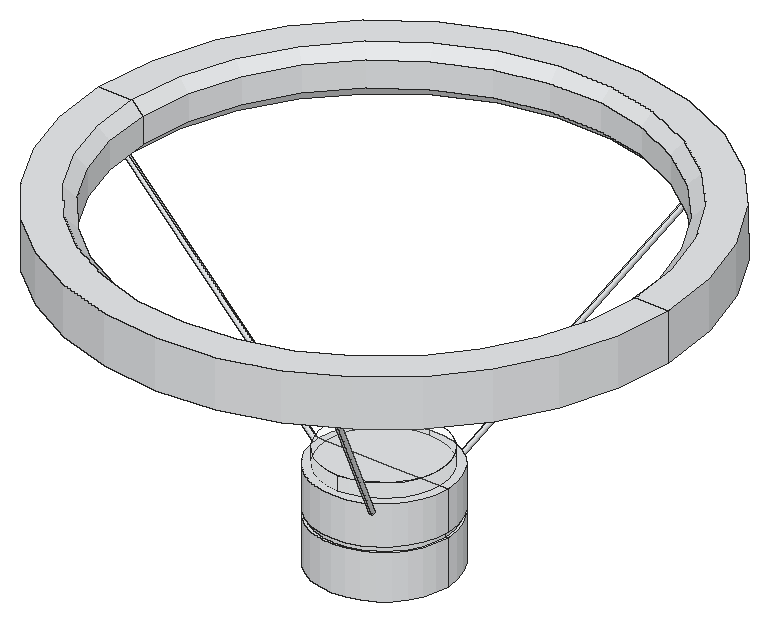
Revit family "32L-CR30-P-D", category Lighting Fixtures, host Face, Revit 2012
Parameters (values of type "ITL88488")
  Wattage = 9.2903 W
  built-in parameter 1150110 = 1 (stored number, unit not read)
  Voltage = 120 V
  URL = "http://www.litecontrol.com/"
  built-in parameter 1114217 = 1 (stored number, unit not read)
  Tilt Angle = 90.00°
  built-in parameter 1150109 = 1 (stored number, unit not read)
  built-in parameter 1150134 = 3
  built-in parameter 1150113 = 1 (stored number, unit not read)
  Product Page URL = "http://www.litecontrol.com/products/independant_32_led_cylinder_ring_pendant_direct"
  Product Documentation Link = "http://cdn.litecontrol.com/content/products/specs/specs_files/32L-CR-P-D.pdf"
  Photometric Web File = "ITL88488-GONIOPHOTOMETRY.IES"
  Model = "32L-CR30-P-D"  # constant formula
  Material = Hubbell Paint White
  Manufacturer Phone = "781-294-0100 "  # constant formula
  Manufacturer Fax = "781-293-2849"  # constant formula
  Manufacturer = "Lite Control"  # constant formula
  built-in parameter 1150105 = 109.82 (stored number, unit not read)
  Lumens = 1380 lm
  built-in parameter 1150115 = 1 (stored number, unit not read)
  built-in parameter 1150137 = (empty or 0)
  built-in parameter 1150139 = (empty or 0)
  built-in parameter 1150112 = 1 (stored number, unit not read)
  built-in parameter 1150114 = 1 (stored number, unit not read)
  Lamp = "LED"
  built-in parameter 1150132 = (empty or 0)
  built-in parameter 1150102 = (empty or 0)
  built-in parameter 1150107 = 3200 (stored number, unit not read)
  built-in parameter 1150138 = (empty or 0)
  built-in parameter 1150106 = 1.0982 (stored number, unit not read)
  Glass = Hubbell - Glass
  Emit from Circle Diameter = 0' - 6"
  Emit Shape Visible in Rendering = no
  built-in parameter 1150104 = 13.8 (stored number, unit not read)
  Dimming Lamp Color Temperature Shift = <None>
  Description = "Inde-Pendant 32 LED Cylinder & Ring Pendant Direct"  # constant formula
  Default Elevation = 4' - 0"
  Color Filter = 16777215
  built-in parameter 1114218 = 1 (stored number, unit not read)
  built-in parameter 1150133 = 10 (stored number, unit not read)
  Assembly Code = "D5020210"
  Apparent Load = 0 VA
Types (4): name | Photometric Web File
  (no name) | "ITL88488-GONIOPHOTOMETRY.IES"
  ITL88482 | "ITL88482-GONIOPHOTOMETRY.IES"
  ITL88488 | "ITL88488-GONIOPHOTOMETRY.IES"
  ITL88490 | "ITL88490-GONIOPHOTOMETRY.IES"
Reference planes (in)
  plane 1 "Center (Front/Back)": y = 0
  plane 2: z = 0
  plane 3 "Center (Left/Right)": x = 0
  plane 4: y = 10
  plane 5: y = -10
  plane 6: x = -15
  plane 7: x = 15
  plane 8: z = 4.6
  plane 9: z = 14.62
  plane 10: z = 17.09
Forms (in)
  Revolve 1, solid, material "Hubbell Paint White" <- "Material"
    sketch origin (0, 0, 0) x (1, 0, 0) y (0, 0, 1)
      loop
        line (0, 4.6) -> (-3.405, 4.6) -> (-3.405, 2.57) -> (-3.26438, 2.57) -> (-3.26438, 2.3) -> (-3.405, 2.3) -> (-3.405, 0) -> (0, 0) -> (0, 4.6)
      loop
        line (-15, 14.62) -> (-13.25, 14.62) -> (-12.67862, 15.19138) -> (-12.67862, 16.51862) -> (-13.25, 17.09) -> (-15, 17.09) -> (-15, 14.62)
      axis (0, 17.09) -> (0, 0)
    angle from 0 to 360
  Extrusion 2, solid, material "Hubbell - Glass" <- "Glass"
    sketch origin (0, 0, 4.6) x (0, 1, 0) y (-1, 0, 0)
      loop
        circle (0, 0) r 3
    from 0 to 0.75387
  Revolve 3, solid, material "Hubbell Paint White" <- "Material"
    sketch origin (0, 0, 0) x (1, 0, 0) y (0, 0, 1)
      loop
        line (-14.01517, 14.70839) -> (-3.31072, 4.00394) -> (-3.22233, 4.09233) -> (-13.92678, 14.79678) -> (-14.01517, 14.70839)
      axis (-13.92678, 14.79678) -> (-3.22233, 4.09233)
    angle from 0 to 360
  Revolve 4, solid, material "Hubbell Paint White" <- "Material"
    sketch origin (0, 0, 0) x (-0.5, 0.866025, 0) y (0, 0, 1)
      loop
        line (-14.01517, 14.70839) -> (-3.31072, 4.00394) -> (-3.22233, 4.09233) -> (-13.92678, 14.79678) -> (-14.01517, 14.70839)
      axis (-13.92678, 14.79678) -> (-3.22233, 4.09233)
    angle from 0 to 360
  Revolve 5, solid, material "Hubbell Paint White" <- "Material"
    sketch origin (0, 0, 0) x (-0.5, -0.866025, 0) y (0, 0, 1)
      loop
        line (-14.01517, 14.70839) -> (-3.31072, 4.00394) -> (-3.22233, 4.09233) -> (-13.92678, 14.79678) -> (-14.01517, 14.70839)
      axis (-13.92678, 14.79678) -> (-3.22233, 4.09233)
    angle from 0 to 360
Dimensions and locks (in)
  equal spacing: plane 6, plane 3 "Center (Left/Right)", plane 7
  plane 6 to plane 7 = 2' - 6"
  equal spacing: plane 4, plane 1 "Center (Front/Back)", plane 5
  plane 4 to plane 5 = 1' - 8"
  plane 1 "Center (Front/Back)" to plane 4 = 0' - 10"
  locked: plane 10 to plane 9 at 2.47
  plane 9 to plane 2 = 1' - 2.62"
  aligned and locked: plane 2 to host face
  aligned and locked: level to host face
  aligned and locked: plane 8 to Revolve 1 sketch curve
  aligned and locked: plane 10 to Revolve 1 sketch curve
  aligned and locked: Revolve 1 sketch curve to plane 9
  aligned and locked: imposter light to plane 3 "Center (Left/Right)"
  aligned and locked: imposter light to Extrusion 2
  aligned and locked: plane 1 "Center (Front/Back)" to imposter light
Automatic sketch dimensions
  host sketch curve to host sketch curve = 8' - 0"  (x2)
  Revolve 1 sketch curve to plane 6 = 0' - 0"
  Revolve 1 sketch curve to plane 3 "Center (Left/Right)" = 0' - 0"  (x2)
  plane 6 to Revolve 1 sketch curve = 0' - 1 3/4"  (x2)
  Revolve 1 sketch curve to Revolve 1 sketch curve = 0' - 0.57138"  (x2)
  Revolve 1 sketch curve to Revolve 1 sketch curve = 0' - 3.405"
  Revolve 1 sketch curve to Revolve 1 sketch curve = 0' - 0"
  Revolve 1 sketch curve to Revolve 1 sketch curve = 0' - 0 9/64"
  Revolve 1 sketch curve to Revolve 1 sketch curve = 0' - 0.27"
  plane 9 to Revolve 1 sketch curve = 0' - 0.57138"
  plane 9 to Revolve 1 sketch curve = 0' - 11.38"
  Revolve 3 sketch curve to Revolve 3 sketch curve = 0' - 0.08839"  (x3)
  Revolve 3 sketch curve to Revolve 3 sketch curve = 0' - 0.00946"
  Revolve 3 sketch curve to Revolve 3 sketch curve = 0' - 0.09785"
  Revolve 3 sketch curve to Revolve 3 sketch curve = 0' - 10.6066"
  Revolve 3 sketch curve to Revolve 3 sketch curve = 0' - 0.17678"
  Revolve 4 sketch curve to Revolve 4 sketch curve = 0' - 0.08839"  (x3)
  Revolve 4 sketch curve to Revolve 4 sketch curve = 0' - 0.00946"
  Revolve 4 sketch curve to Revolve 4 sketch curve = 0' - 0.09785"
  Revolve 4 sketch curve to Revolve 4 sketch curve = 0' - 10.6066"
  Revolve 4 sketch curve to Revolve 4 sketch curve = 0' - 0.17678"
  Revolve 5 sketch curve to Revolve 5 sketch curve = 0' - 0.08839"  (x3)
  Revolve 5 sketch curve to Revolve 5 sketch curve = 0' - 0.00946"
  Revolve 5 sketch curve to Revolve 5 sketch curve = 0' - 0.09785"
  Revolve 5 sketch curve to Revolve 5 sketch curve = 0' - 10.6066"
  Revolve 5 sketch curve to Revolve 5 sketch curve = 0' - 0.17678"
  plane 9 to Revolve 3 sketch curve = 0' - 0.35355"
  plane 6 to Revolve 3 sketch curve = 0' - 0.89645"
  plane 9 to Revolve 4 sketch curve = 0' - 0.35355"
  plane 9 to Revolve 5 sketch curve = 0' - 0.35355"
  Revolve 1 sketch curve to level = 0' - 0"  (x2)
  level to Revolve 1 sketch curve = 0' - 2.3"
  radius of Extrusion 2 sketch curve to Revolve 1 = 0' - 0.405"
Connectors (in)
  electrical at (0, 0, 0), driven by "Voltage"
    settings: on Revolve 1, index 1, voltage 120 V, apparent load 0 VA, apparent load phase1 0 VA, apparent load phase2 0 VA, apparent load phase3 0 VA, power factor 1, load classification "Other", number of poles 1, system type 30, power factor state 1, is connector primary yes, connector utility no, sub classification motor no, connector description "Lighting Connector"
